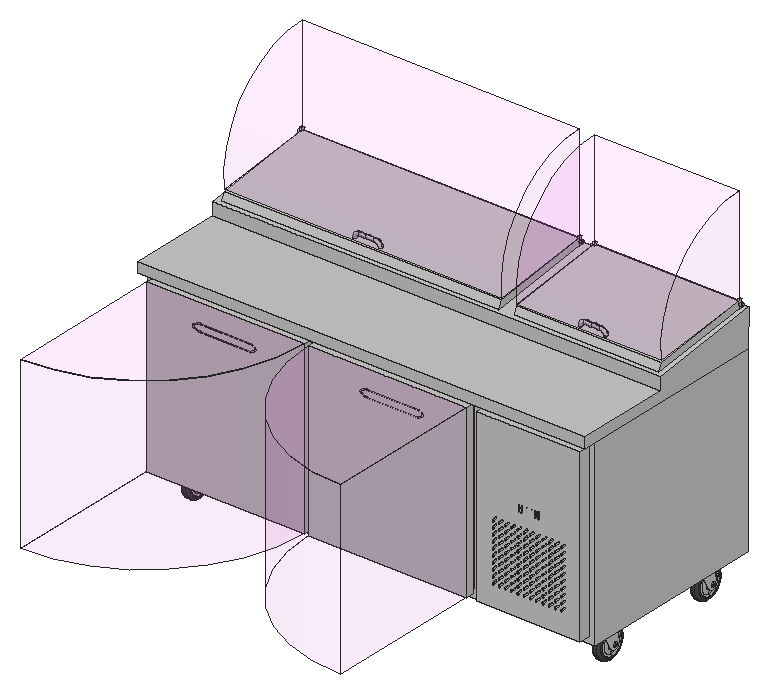
Revit family "QF_Kelvinator_738253_KCHPT72.9", category Specialty Equipment, Revit 2021
Family settings
  Round Connector Dimension = Use Diameter
  Part Type = Normal
  Work Plane-Based = No
  Always vertical = Yes
  Cut with Voids When Loaded = No
  Shared = No
  Room Calculation Point = No
Parameters
  Weight in Pounds = 264.555
  Weight = 120.00 lbm
  Watts = 0 W
  Volts = 115 V
  URL Manufacturer = "KELVINATOR"
  URL Cutsheet = ""
  URL = "KELVINATOR"
  Specification by User = ""
  Specification by Manufacturer = ""
  Serial Number = ""
  Seismic Rating = ""
  SMACNA No = ""
  Revision Code = ""
  Refrigerant Type = "R290"
  Phase = 1
  Number of Poles = 1
  NAFEM Spec ID Number = ""
  Model = "KCHPT72.9"
  Min Ckt Ampacity = 0 A
  Max Overcurrent Protection = 0 A
  Masterspec = ""
  Manufacturer = "Kelvinator"
  Length Actual = 1798"
  Length = 70 13/16"
  Item Number = "738253"
  Installed By = ""
  Identify Quantity as Lot = yes
  Height Actual = 1050"
  Height = 41 5/16"
  HP = "1 HP"
  Gas KW = 0
  Furnished By = ""
  Foodservice Equipment Identifier = yes
  FL Amps = 5 A
  Electrical Remarks = ""
  Electric Connection Type = ""
  Elec Conn RI Height = 0"
  Elec Conn Connection Height = 0"
  Description = "2-DOOR PIZZA PREP TABLE 71\" LONG 9-1/3 PAN "
  Depth Actual = 820"
  Depth = 32 5/16"
  Default Elevation = 0"
  Cycle = 60 Hz
  Conn Plug = "5-15P"
  Conn Conduit = yes
  CSI MasterFormat = ""
  Apparent Power = 0 VA
  Accessory = no
Reference planes (in)
  plane 1 "BACK": y = 0
  plane 2: z = 0
  plane 3 "LEFT": x = 0
  plane 4 "RIGHT": x = 70.8125
  plane 5 "FRONT": y = -32.3125
  plane 6 "TOP": z = 41.3125
  plane 7 "Center Y": x = 35.40625
  plane 8 "Center X": y = -16.15625
Dimensions and locks (in)
  equal spacing: plane 3 "LEFT", plane 7 "Center Y", plane 4 "RIGHT"
  "Length": plane 3 "LEFT" to plane 4 "RIGHT"
  equal spacing: plane 5 "FRONT", plane 8 "Center X", plane 1 "BACK"
  "Depth": plane 5 "FRONT" to plane 1 "BACK"
  "Height": plane 6 "TOP" to level
  aligned and locked: level to plane 2
Nested families (in)
  nested 1: "KCHPT" at (0, 0, 0), type "KCHPT"
    with Show Clearance yes
Connectors (in)
  electrical at (35.40625, -1.18418, 4.62235), driven by "Volts", driven by "Watts"
    settings: on nested 1, index 1, voltage 115 V, apparent load 0 VA, apparent load phase1 0 VA, apparent load phase2 0 VA, apparent load phase3 0 VA, power factor 1, load classification "Power", number of poles 1, system type 30, power factor state 1, is connector primary yes, connector utility no, sub classification motor no, connector description "Electrical Connection"
Definition of nested family "KCHPT"
  Parameters (values of type "KCHPT")
    Weight in Pounds = 0
    URL Cutsheet = ""
    Specification by User = ""
    Specification by Manufacturer = ""
    Show Clearance [instance] = yes
    Serial Number = ""
    Seismic Rating = ""
    SMACNA No = ""
    Revision Code = ""
    NAFEM Spec ID Number = ""
    Masterspec = ""
    Length = 70 13/16"
    Item Number = ""
    Installed By = ""
    Identify Quantity as Lot = yes
    Height = 41.53333"
    Furnished By = ""
    Foodservice Equipment Identifier = yes
    Depth = 32 5/16"
    Default Elevation = 0"
    CSI MasterFormat = ""
  Reference planes (in)
    plane 1 "BACK": y = 0
    plane 2: z = 0
    plane 3 "LEFT": x = 0
    plane 4 "RIGHT": x = 70.8125
    plane 5 "FRONT": y = -32.3125
    plane 6 "TOP": z = 41.53333
    plane 7 "Center Y": x = 35.40625
    plane 8 "Center X": y = -16.15625
    plane 9: y = -58.9
    plane 10: y = -17.4
    plane 11: z = 34.33333
    plane 12: z = 6.03333
    plane 13: z = 40.23333
    plane 14: z = 35.93333
    plane 15: z = 5.5
    plane 16: z = 33.58333
    plane 17: z = 6.78333
    plane 18: x = 53.40858
    plane 19: x = 69.86053
    plane 20: x = 67.9375
    plane 21: x = 2.875
    plane 22: x = 1.21311
    plane 23: x = 0.80534
    plane 24: x = 44.70534
    plane 25: x = 70.00716
    plane 26: x = 47.10716
    plane 27: x = 51.90858
    plane 28: x = 26.90858
    plane 29: x = 26.21311
  Forms (in)
    Extrusion 1, solid
      sketch origin (0, 0, 0) x (0, 1, 0) y (0, 0, 1)
        loop
          line (0, 34.33333) -> (-30.3125, 34.33333) -> (-30.3125, 5.5) -> (0, 5.5) -> (0, 34.33333)
      from 0 to 70.8125
    Extrusion 2, solid
      sketch origin (0, -30.3125, 34.33333) x (0, 0, -1) y (1, 0, 0)
        loop
          line (0.95244, 53.40858) -> (27.85244, 53.40858) -> (27.85244, 69.86053) -> (0.95244, 69.86053) -> (0.95244, 53.40858)
      from 0 to 1.75
    Extrusion 3, solid
      sketch origin (0, 0, 0) x (0, 1, 0) y (0, 0, 1)
        loop
          line (0, 34.33333) -> (0, 40.23333) -> (-17.4, 37.93333) -> (-17.4, 35.93333) -> (-32.3125, 35.93333) -> (-32.3125, 34.33333) -> (0, 34.33333)
      from 0 to 70.8125
    Extrusion 4, solid
      sketch origin (0, 0, 0) x (0, 1, 0) y (0, 0, 1)
        loop
          line (-0.60032, 40.15398) -> (-0.73136, 41.14536) -> (-16.15625, 39.10644) -> (-16.65751, 38.03148) -> (-0.60032, 40.15398)
      from 0.80534 to 44.70534
    Extrusion 5, solid
      sketch origin (0, 0, 0) x (0, 1, 0) y (0, 0, 1)
        loop
          line (-0.71931, 41.05415) -> (-0.60032, 40.15398) -> (-0.44954, 40.17391) -> (-0.54253, 40.87737) -> (-0.71931, 41.05415)
      from 1.08307 to 44.35482
    Extrusion 6, solid
      sketch origin (0, 0.25217, 0) x (0, 1, 0) y (0, 0, 1)
        loop
          line (-0.97921, 41.1126) -> (-0.94695, 41.23299)
          arc (-0.94695, 41.23299) -> (-0.93228, 41.2584) -> (-0.90687, 41.27307) r 0.05668
          line (-0.90687, 41.27307) -> (-0.8734, 41.28204) -> (-0.73405, 41.36488) -> (-0.8358, 41.46663) -> (-1.13256, 41.43019) -> (-1.19211, 41.53333)
          arc (-1.19211, 41.53333) -> (-1.21835, 41.30726) -> (-1.22705, 41.07984) r 2.94324
          line (-1.22705, 41.07984) -> (-1.09601, 40.08846) -> (-0.60032, 40.15398) -> (-0.97921, 41.1126)
      from 0.63594 to 0.91702
    Extrusion 7, solid
      sketch origin (45.47656, 0.25217, 0) x (0, 1, 0) y (0, 0, -1)
        loop
          line (-0.97921, -41.1126) -> (-0.60032, -40.15398) -> (-1.09601, -40.08846) -> (-1.22705, -41.07984)
          arc (-1.22705, -41.07984) -> (-1.21835, -41.30726) -> (-1.19211, -41.53333) r 2.94324
          line (-1.19211, -41.53333) -> (-1.13256, -41.43019) -> (-0.8358, -41.46663) -> (-0.73405, -41.36488) -> (-0.8734, -41.28204) -> (-0.90687, -41.27307)
          arc (-0.90687, -41.27307) -> (-0.93228, -41.2584) -> (-0.94695, -41.23299) r 0.05668
          line (-0.94695, -41.23299) -> (-0.97921, -41.1126)
      from 0.63594 to 0.91702
    Revolve 8, solid
      sketch origin (0, -0.77601, 40.03126) x (0, 0, -1) y (1, 0, 0)
        loop
          line (-0.77646, 0.63594) -> (-0.97864, 0.63594) -> (-0.97864, 0.29171) -> (-0.92809, 0.29171) -> (-0.92809, 0.25604) -> (-0.77646, 0.25604) -> (-0.77646, 0.63594)
        axis (-0.77646, 0.63594) -> (-0.77646, 0.25604)
      angle from 0 to 360
    Revolve 9, solid
      sketch origin (22.03906, -0.77601, 40.03126) x (0, 0, -1) y (1, 0, 0)
        loop
          line (-0.77646, 22.80156) -> (-0.77646, 23.18146) -> (-0.92809, 23.18146) -> (-0.92809, 23.14579) -> (-0.97864, 23.14579) -> (-0.97864, 22.80156) -> (-0.77646, 22.80156)
        axis (-0.77646, 22.80156) -> (-0.77646, 23.18146)
      angle from 0 to 360
    Sweep 10, solid
      path origin (-12.65091, -16.94992, 54.53737) x (0, 0.113722, -0.993513) y (1, 0, 0)
        loop
          line (15.52754, 33.40625) -> (15.34004, 33.40625)
          arc (15.34004, 33.40625) -> (14.80971, 33.62592) -> (14.59004, 34.15625) r 0.75
          line (14.59004, 34.15625) -> (14.59004, 35.40625) -> (14.59004, 36.65625)
          arc (14.59004, 36.65625) -> (14.80971, 37.18658) -> (15.34004, 37.40625) r 0.75
          line (15.34004, 37.40625) -> (15.52754, 37.40625)
      profile origin (23.38034, -15.29071, 40.04198) x (0, -0.113722, 0.993513) y (0, -0.993513, -0.113722)
        loop
          circle (0, 0) r 0.25
    Extrusion 11, solid
      sketch origin (0, -30.3125, 34.33333) x (0, 0, -1) y (1, 0, 0)
        loop
          line (0.95244, 1.21311) -> (27.85244, 1.21311) -> (27.85244, 26.21311) -> (0.95244, 26.21311) -> (0.95244, 1.21311)
      from 0.61189 to 1.75
    Extrusion 12, solid
      sketch origin (0, 0, 0) x (0, 1, 0) y (0, 0, 1)
        loop
          line (-30.92439, 33.03333) -> (-30.92439, 6.78333) -> (-30.67439, 6.78333) -> (-30.67439, 33.03333) -> (-30.92439, 33.03333)
      from 1.5672 to 25.76153
    Extrusion 13, solid
      sketch origin (0, 0.25, 0) x (0, 1, 0) y (0, 0, 1)
        loop
          line (-30.92439, 33.03333) -> (-30.92439, 6.78333) -> (-30.69749, 6.78333) -> (-30.69749, 33.03333) -> (-30.92439, 33.03333)
      from 1.5672 to 25.76153
    Extrusion 14, solid
      sketch origin (0, 0.40775, 0) x (0, 1, 0) y (0, 0, 1)
        loop
          line (-30.85525, 33.03333) -> (-30.85525, 6.78333) -> (-30.72025, 6.78333) -> (-30.72025, 33.03333) -> (-30.85525, 33.03333)
      from 1.5672 to 25.76153
    Extrusion 15, solid
      sketch origin (13.31117, -32, 12.93481) x (-1, 0, 0) y (0, 0, 1)
        loop
          line (-46.80033, 9.70772) -> (-49.94993, 9.70772) -> (-49.94993, 8.52662) -> (-46.80033, 8.52662) -> (-46.80033, 9.70772)
        loop
          line (-46.87907, 9.63107) -> (-47.27277, 9.63107) -> (-47.27277, 9.31193) -> (-46.87907, 9.31193) -> (-46.87907, 9.63107)
        loop
          line (-46.87907, 9.27674) -> (-47.27277, 9.27674) -> (-47.27277, 8.9576) -> (-46.87907, 8.9576) -> (-46.87907, 9.27674)
        loop
          line (-46.87907, 8.92241) -> (-47.27277, 8.92241) -> (-47.27277, 8.60327) -> (-46.87907, 8.60327) -> (-46.87907, 8.92241)
        loop
          line (-49.87119, 9.63107) -> (-49.87119, 9.31193) -> (-49.47749, 9.31193) -> (-49.47749, 9.63107) -> (-49.87119, 9.63107)
        loop
          line (-49.87119, 9.27674) -> (-49.87119, 8.9576) -> (-49.47749, 8.9576) -> (-49.47749, 9.27674) -> (-49.87119, 9.27674)
        loop
          line (-49.87119, 8.92241) -> (-49.87119, 8.60327) -> (-49.47749, 8.60327) -> (-49.47749, 8.92241) -> (-49.87119, 8.92241)
        loop
          line (-47.35025, 9.63107) -> (-49.40001, 9.63107) -> (-49.40001, 8.60716) -> (-47.35025, 8.60716) -> (-47.35025, 9.63107)
      from 0.07874 to -0.04602
    Extrusion 16, solid
      sketch origin (13.31117, -32.04602, 12.93481) x (1, 0, 0) y (0, 0, 1)
        loop
          line (49.47749, 9.63107) -> (49.47749, 9.31193) -> (49.87119, 9.31193) -> (49.87119, 9.63107) -> (49.47749, 9.63107)
        loop
          line (49.47749, 9.27674) -> (49.47749, 8.9576) -> (49.87119, 8.9576) -> (49.87119, 9.27674) -> (49.47749, 9.27674)
        loop
          line (49.47749, 8.92241) -> (49.47749, 8.60327) -> (49.87119, 8.60327) -> (49.87119, 8.92241) -> (49.47749, 8.92241)
        loop
          line (47.27277, 9.63107) -> (46.87907, 9.63107) -> (46.87907, 9.31193) -> (47.27277, 9.31193) -> (47.27277, 9.63107)
        loop
          line (47.27277, 9.27674) -> (46.87907, 9.27674) -> (46.87907, 8.9576) -> (47.27277, 8.9576) -> (47.27277, 9.27674)
        loop
          line (47.27277, 8.92241) -> (46.87907, 8.92241) -> (46.87907, 8.60327) -> (47.27277, 8.60327) -> (47.27277, 8.92241)
      from 0 to -0.07874
    Extrusion 17, solid
      sketch origin (13.31117, -32.04602, 12.93481) x (1, 0, 0) y (0, 0, 1)
        loop
          line (47.35025, 9.63107) -> (47.35025, 8.60716) -> (49.40001, 8.60716) -> (49.40001, 9.63107) -> (47.35025, 9.63107)
      from 0 to -0.07874
    Extrusion 18, void
      sketch origin (13.31117, -32, 12.93481) x (-1, 0, 0) y (0, 0, 1)
        loop
          line (-46.80033, 9.70772) -> (-49.94993, 9.70772) -> (-49.94993, 8.52662) -> (-46.80033, 8.52662) -> (-46.80033, 9.70772)
      from 0 to 0.07874
    Extrusion 19, void
      sketch origin (-16.78105, -31.99996, 32.23218) x (0, 0, 1) y (1, 0, 0)
        loop
          line (-1.94791, 26.10318) -> (-1.94791, 34.45318) -> (-2.28604, 34.99418)
          arc (-2.28604, 34.99418) -> (-2.38541, 35.04926) -> (-2.48479, 34.99418) r 0.11719
          line (-2.48479, 34.99418) -> (-2.82291, 34.45318) -> (-2.82291, 26.10318) -> (-2.48621, 25.56446)
          arc (-2.48621, 25.56446) -> (-2.38541, 25.50859) -> (-2.28462, 25.56446) r 0.11887
          line (-2.28462, 25.56446) -> (-1.94791, 26.10318)
      from 0 to 0.31887
    Sweep 20, solid
      path origin (-16.78105, -29.19996, 32.23218) x (0, 0, -1) y (1, 0, 0)
        loop
          line (2.82291, 34.45318) -> (2.48479, 34.99418)
          arc (2.48479, 34.99418) -> (2.38541, 35.04926) -> (2.28604, 34.99418) r 0.11719
          line (2.28604, 34.99418) -> (1.94791, 34.45318) -> (1.94791, 26.10318) -> (2.28462, 25.56446)
          arc (2.28462, 25.56446) -> (2.38541, 25.50859) -> (2.48621, 25.56446) r 0.11887
          line (2.48621, 25.56446) -> (2.82291, 26.10318) -> (2.82291, 34.45318)
      profile origin (13.49713, -29.19996, 29.40927) x (0, 0, -1) y (0, -1, 0)
        loop
          line (0, 2.8) -> (0.25, 2.8)
          arc (0.25, 2.8) -> (0.125, 2.85269) -> (0, 2.8) r 0.17461
    Extrusion 21, void
      sketch origin (0, -32.0625, 34.33333) x (0, 0, 1) y (1, 0, 0)
        loop
          line (-15.37242, 55.98574) -> (-14.84209, 56.51607)
          arc (-14.84209, 56.51607) -> (-14.84209, 56.72409) -> (-15.05012, 56.72409) r 0.1471
          line (-15.05012, 56.72409) -> (-15.58045, 56.19376)
          arc (-15.58045, 56.19376) -> (-15.58045, 55.98574) -> (-15.37242, 55.98574) r 0.1471
        loop
          line (-15.37242, 56.98574) -> (-14.84209, 57.51607)
          arc (-14.84209, 57.51607) -> (-14.84209, 57.72409) -> (-15.05012, 57.72409) r 0.1471
          line (-15.05012, 57.72409) -> (-15.58045, 57.19376)
          arc (-15.58045, 57.19376) -> (-15.58045, 56.98574) -> (-15.37242, 56.98574) r 0.1471
        loop
          line (-15.37242, 57.98574) -> (-14.84209, 58.51607)
          arc (-14.84209, 58.51607) -> (-14.84209, 58.72409) -> (-15.05012, 58.72409) r 0.1471
          line (-15.05012, 58.72409) -> (-15.58045, 58.19376)
          arc (-15.58045, 58.19376) -> (-15.58045, 57.98574) -> (-15.37242, 57.98574) r 0.1471
        loop
          line (-15.37242, 58.95449) -> (-14.84209, 59.48482)
          arc (-14.84209, 59.48482) -> (-14.84209, 59.69284) -> (-15.05012, 59.69284) r 0.1471
          line (-15.05012, 59.69284) -> (-15.58045, 59.16251)
          arc (-15.58045, 59.16251) -> (-15.58045, 58.95449) -> (-15.37242, 58.95449) r 0.1471
        loop
          line (-15.37242, 59.92324) -> (-14.84209, 60.45357)
          arc (-14.84209, 60.45357) -> (-14.84209, 60.66159) -> (-15.05012, 60.66159) r 0.1471
          line (-15.05012, 60.66159) -> (-15.58045, 60.13126)
          arc (-15.58045, 60.13126) -> (-15.58045, 59.92324) -> (-15.37242, 59.92324) r 0.1471
        loop
          line (-15.37242, 60.92324) -> (-14.84209, 61.45357)
          arc (-14.84209, 61.45357) -> (-14.84209, 61.66159) -> (-15.05012, 61.66159) r 0.1471
          line (-15.05012, 61.66159) -> (-15.58045, 61.13126)
          arc (-15.58045, 61.13126) -> (-15.58045, 60.92324) -> (-15.37242, 60.92324) r 0.1471
        loop
          line (-15.37242, 61.92324) -> (-14.84209, 62.45357)
          arc (-14.84209, 62.45357) -> (-14.84209, 62.66159) -> (-15.05012, 62.66159) r 0.1471
          line (-15.05012, 62.66159) -> (-15.58045, 62.13126)
          arc (-15.58045, 62.13126) -> (-15.58045, 61.92324) -> (-15.37242, 61.92324) r 0.1471
        loop
          line (-15.37242, 62.89199) -> (-14.84209, 63.42232)
          arc (-14.84209, 63.42232) -> (-14.84209, 63.63034) -> (-15.05012, 63.63034) r 0.1471
          line (-15.05012, 63.63034) -> (-15.58045, 63.10001)
          arc (-15.58045, 63.10001) -> (-15.58045, 62.89199) -> (-15.37242, 62.89199) r 0.1471
        loop
          line (-15.37242, 63.89199) -> (-14.84209, 64.42232)
          arc (-14.84209, 64.42232) -> (-14.84209, 64.63034) -> (-15.05012, 64.63034) r 0.1471
          line (-15.05012, 64.63034) -> (-15.58045, 64.10001)
          arc (-15.58045, 64.10001) -> (-15.58045, 63.89199) -> (-15.37242, 63.89199) r 0.1471
        loop
          line (-15.37242, 64.89199) -> (-14.84209, 65.42232)
          arc (-14.84209, 65.42232) -> (-14.84209, 65.63034) -> (-15.05012, 65.63034) r 0.1471
          line (-15.05012, 65.63034) -> (-15.58045, 65.10001)
          arc (-15.58045, 65.10001) -> (-15.58045, 64.89199) -> (-15.37242, 64.89199) r 0.1471
        loop
          line (-15.37242, 65.89199) -> (-14.84209, 66.42232)
          arc (-14.84209, 66.42232) -> (-14.84209, 66.63034) -> (-15.05012, 66.63034) r 0.1471
          line (-15.05012, 66.63034) -> (-15.58045, 66.10001)
          arc (-15.58045, 66.10001) -> (-15.58045, 65.89199) -> (-15.37242, 65.89199) r 0.1471
        loop
          line (-15.37242, 66.86074) -> (-14.84209, 67.39107)
          arc (-14.84209, 67.39107) -> (-14.84209, 67.59909) -> (-15.05012, 67.59909) r 0.1471
          line (-15.05012, 67.59909) -> (-15.58045, 67.06876)
          arc (-15.58045, 67.06876) -> (-15.58045, 66.86074) -> (-15.37242, 66.86074) r 0.1471
        loop
          line (-16.37242, 55.98574) -> (-15.84209, 56.51607)
          arc (-15.84209, 56.51607) -> (-15.84209, 56.72409) -> (-16.05012, 56.72409) r 0.1471
          line (-16.05012, 56.72409) -> (-16.58045, 56.19376)
          arc (-16.58045, 56.19376) -> (-16.58045, 55.98574) -> (-16.37242, 55.98574) r 0.1471
        loop
          line (-16.37242, 56.98574) -> (-15.84209, 57.51607)
          arc (-15.84209, 57.51607) -> (-15.84209, 57.72409) -> (-16.05012, 57.72409) r 0.1471
          line (-16.05012, 57.72409) -> (-16.58045, 57.19376)
          arc (-16.58045, 57.19376) -> (-16.58045, 56.98574) -> (-16.37242, 56.98574) r 0.1471
        loop
          line (-16.37242, 57.98574) -> (-15.84209, 58.51607)
          arc (-15.84209, 58.51607) -> (-15.84209, 58.72409) -> (-16.05012, 58.72409) r 0.1471
          line (-16.05012, 58.72409) -> (-16.58045, 58.19376)
          arc (-16.58045, 58.19376) -> (-16.58045, 57.98574) -> (-16.37242, 57.98574) r 0.1471
        loop
          line (-16.37242, 58.95449) -> (-15.84209, 59.48482)
          arc (-15.84209, 59.48482) -> (-15.84209, 59.69284) -> (-16.05012, 59.69284) r 0.1471
          line (-16.05012, 59.69284) -> (-16.58045, 59.16251)
          arc (-16.58045, 59.16251) -> (-16.58045, 58.95449) -> (-16.37242, 58.95449) r 0.1471
        loop
          line (-16.37242, 59.92324) -> (-15.84209, 60.45357)
          arc (-15.84209, 60.45357) -> (-15.84209, 60.66159) -> (-16.05012, 60.66159) r 0.1471
          line (-16.05012, 60.66159) -> (-16.58045, 60.13126)
          arc (-16.58045, 60.13126) -> (-16.58045, 59.92324) -> (-16.37242, 59.92324) r 0.1471
        loop
          line (-16.37242, 60.92324) -> (-15.84209, 61.45357)
          arc (-15.84209, 61.45357) -> (-15.84209, 61.66159) -> (-16.05012, 61.66159) r 0.1471
          line (-16.05012, 61.66159) -> (-16.58045, 61.13126)
          arc (-16.58045, 61.13126) -> (-16.58045, 60.92324) -> (-16.37242, 60.92324) r 0.1471
        loop
          line (-16.37242, 61.92324) -> (-15.84209, 62.45357)
          arc (-15.84209, 62.45357) -> (-15.84209, 62.66159) -> (-16.05012, 62.66159) r 0.1471
          line (-16.05012, 62.66159) -> (-16.58045, 62.13126)
          arc (-16.58045, 62.13126) -> (-16.58045, 61.92324) -> (-16.37242, 61.92324) r 0.1471
        loop
          line (-16.37242, 62.89199) -> (-15.84209, 63.42232)
          arc (-15.84209, 63.42232) -> (-15.84209, 63.63034) -> (-16.05012, 63.63034) r 0.1471
          line (-16.05012, 63.63034) -> (-16.58045, 63.10001)
          arc (-16.58045, 63.10001) -> (-16.58045, 62.89199) -> (-16.37242, 62.89199) r 0.1471
        loop
          line (-16.37242, 63.89199) -> (-15.84209, 64.42232)
          arc (-15.84209, 64.42232) -> (-15.84209, 64.63034) -> (-16.05012, 64.63034) r 0.1471
          line (-16.05012, 64.63034) -> (-16.58045, 64.10001)
          arc (-16.58045, 64.10001) -> (-16.58045, 63.89199) -> (-16.37242, 63.89199) r 0.1471
        loop
          line (-16.37242, 64.89199) -> (-15.84209, 65.42232)
          arc (-15.84209, 65.42232) -> (-15.84209, 65.63034) -> (-16.05012, 65.63034) r 0.1471
          line (-16.05012, 65.63034) -> (-16.58045, 65.10001)
          arc (-16.58045, 65.10001) -> (-16.58045, 64.89199) -> (-16.37242, 64.89199) r 0.1471
        loop
          line (-16.37242, 65.89199) -> (-15.84209, 66.42232)
          arc (-15.84209, 66.42232) -> (-15.84209, 66.63034) -> (-16.05012, 66.63034) r 0.1471
          line (-16.05012, 66.63034) -> (-16.58045, 66.10001)
          arc (-16.58045, 66.10001) -> (-16.58045, 65.89199) -> (-16.37242, 65.89199) r 0.1471
        loop
          line (-16.37242, 66.86074) -> (-15.84209, 67.39107)
          arc (-15.84209, 67.39107) -> (-15.84209, 67.59909) -> (-16.05012, 67.59909) r 0.1471
          line (-16.05012, 67.59909) -> (-16.58045, 67.06876)
          arc (-16.58045, 67.06876) -> (-16.58045, 66.86074) -> (-16.37242, 66.86074) r 0.1471
        loop
          line (-17.37242, 55.98574) -> (-16.84209, 56.51607)
          arc (-16.84209, 56.51607) -> (-16.84209, 56.72409) -> (-17.05012, 56.72409) r 0.1471
          line (-17.05012, 56.72409) -> (-17.58045, 56.19376)
          arc (-17.58045, 56.19376) -> (-17.58045, 55.98574) -> (-17.37242, 55.98574) r 0.1471
        loop
          line (-17.37242, 56.98574) -> (-16.84209, 57.51607)
          arc (-16.84209, 57.51607) -> (-16.84209, 57.72409) -> (-17.05012, 57.72409) r 0.1471
          line (-17.05012, 57.72409) -> (-17.58045, 57.19376)
          arc (-17.58045, 57.19376) -> (-17.58045, 56.98574) -> (-17.37242, 56.98574) r 0.1471
        loop
          line (-17.37242, 57.98574) -> (-16.84209, 58.51607)
          arc (-16.84209, 58.51607) -> (-16.84209, 58.72409) -> (-17.05012, 58.72409) r 0.1471
          line (-17.05012, 58.72409) -> (-17.58045, 58.19376)
          arc (-17.58045, 58.19376) -> (-17.58045, 57.98574) -> (-17.37242, 57.98574) r 0.1471
        loop
          line (-17.37242, 58.95449) -> (-16.84209, 59.48482)
          arc (-16.84209, 59.48482) -> (-16.84209, 59.69284) -> (-17.05012, 59.69284) r 0.1471
          line (-17.05012, 59.69284) -> (-17.58045, 59.16251)
          arc (-17.58045, 59.16251) -> (-17.58045, 58.95449) -> (-17.37242, 58.95449) r 0.1471
        loop
          line (-17.37242, 59.92324) -> (-16.84209, 60.45357)
          arc (-16.84209, 60.45357) -> (-16.84209, 60.66159) -> (-17.05012, 60.66159) r 0.1471
          line (-17.05012, 60.66159) -> (-17.58045, 60.13126)
          arc (-17.58045, 60.13126) -> (-17.58045, 59.92324) -> (-17.37242, 59.92324) r 0.1471
        loop
          line (-17.37242, 60.92324) -> (-16.84209, 61.45357)
          arc (-16.84209, 61.45357) -> (-16.84209, 61.66159) -> (-17.05012, 61.66159) r 0.1471
          line (-17.05012, 61.66159) -> (-17.58045, 61.13126)
          arc (-17.58045, 61.13126) -> (-17.58045, 60.92324) -> (-17.37242, 60.92324) r 0.1471
        loop
          line (-17.37242, 61.92324) -> (-16.84209, 62.45357)
          arc (-16.84209, 62.45357) -> (-16.84209, 62.66159) -> (-17.05012, 62.66159) r 0.1471
          line (-17.05012, 62.66159) -> (-17.58045, 62.13126)
          arc (-17.58045, 62.13126) -> (-17.58045, 61.92324) -> (-17.37242, 61.92324) r 0.1471
        loop
          line (-17.37242, 62.89199) -> (-16.84209, 63.42232)
          arc (-16.84209, 63.42232) -> (-16.84209, 63.63034) -> (-17.05012, 63.63034) r 0.1471
          line (-17.05012, 63.63034) -> (-17.58045, 63.10001)
          arc (-17.58045, 63.10001) -> (-17.58045, 62.89199) -> (-17.37242, 62.89199) r 0.1471
        loop
          line (-17.37242, 63.89199) -> (-16.84209, 64.42232)
          arc (-16.84209, 64.42232) -> (-16.84209, 64.63034) -> (-17.05012, 64.63034) r 0.1471
          line (-17.05012, 64.63034) -> (-17.58045, 64.10001)
          arc (-17.58045, 64.10001) -> (-17.58045, 63.89199) -> (-17.37242, 63.89199) r 0.1471
        loop
          line (-17.37242, 64.89199) -> (-16.84209, 65.42232)
          arc (-16.84209, 65.42232) -> (-16.84209, 65.63034) -> (-17.05012, 65.63034) r 0.1471
          line (-17.05012, 65.63034) -> (-17.58045, 65.10001)
          arc (-17.58045, 65.10001) -> (-17.58045, 64.89199) -> (-17.37242, 64.89199) r 0.1471
        loop
          line (-17.37242, 65.89199) -> (-16.84209, 66.42232)
          arc (-16.84209, 66.42232) -> (-16.84209, 66.63034) -> (-17.05012, 66.63034) r 0.1471
          line (-17.05012, 66.63034) -> (-17.58045, 66.10001)
          arc (-17.58045, 66.10001) -> (-17.58045, 65.89199) -> (-17.37242, 65.89199) r 0.1471
        loop
          line (-17.37242, 66.86074) -> (-16.84209, 67.39107)
          arc (-16.84209, 67.39107) -> (-16.84209, 67.59909) -> (-17.05012, 67.59909) r 0.1471
          line (-17.05012, 67.59909) -> (-17.58045, 67.06876)
          arc (-17.58045, 67.06876) -> (-17.58045, 66.86074) -> (-17.37242, 66.86074) r 0.1471
        loop
          line (-18.37242, 55.98574) -> (-17.84209, 56.51607)
          arc (-17.84209, 56.51607) -> (-17.84209, 56.72409) -> (-18.05012, 56.72409) r 0.1471
          line (-18.05012, 56.72409) -> (-18.58045, 56.19376)
          arc (-18.58045, 56.19376) -> (-18.58045, 55.98574) -> (-18.37242, 55.98574) r 0.1471
        loop
          line (-18.37242, 56.98574) -> (-17.84209, 57.51607)
          arc (-17.84209, 57.51607) -> (-17.84209, 57.72409) -> (-18.05012, 57.72409) r 0.1471
          line (-18.05012, 57.72409) -> (-18.58045, 57.19376)
          arc (-18.58045, 57.19376) -> (-18.58045, 56.98574) -> (-18.37242, 56.98574) r 0.1471
        loop
          line (-18.37242, 57.98574) -> (-17.84209, 58.51607)
          arc (-17.84209, 58.51607) -> (-17.84209, 58.72409) -> (-18.05012, 58.72409) r 0.1471
          line (-18.05012, 58.72409) -> (-18.58045, 58.19376)
          arc (-18.58045, 58.19376) -> (-18.58045, 57.98574) -> (-18.37242, 57.98574) r 0.1471
        loop
          line (-18.37242, 58.95449) -> (-17.84209, 59.48482)
          arc (-17.84209, 59.48482) -> (-17.84209, 59.69284) -> (-18.05012, 59.69284) r 0.1471
          line (-18.05012, 59.69284) -> (-18.58045, 59.16251)
          arc (-18.58045, 59.16251) -> (-18.58045, 58.95449) -> (-18.37242, 58.95449) r 0.1471
        loop
          line (-18.37242, 59.92324) -> (-17.84209, 60.45357)
          arc (-17.84209, 60.45357) -> (-17.84209, 60.66159) -> (-18.05012, 60.66159) r 0.1471
          line (-18.05012, 60.66159) -> (-18.58045, 60.13126)
          arc (-18.58045, 60.13126) -> (-18.58045, 59.92324) -> (-18.37242, 59.92324) r 0.1471
        loop
          line (-18.37242, 60.92324) -> (-17.84209, 61.45357)
          arc (-17.84209, 61.45357) -> (-17.84209, 61.66159) -> (-18.05012, 61.66159) r 0.1471
          line (-18.05012, 61.66159) -> (-18.58045, 61.13126)
          arc (-18.58045, 61.13126) -> (-18.58045, 60.92324) -> (-18.37242, 60.92324) r 0.1471
        loop
          line (-18.37242, 61.92324) -> (-17.84209, 62.45357)
          arc (-17.84209, 62.45357) -> (-17.84209, 62.66159) -> (-18.05012, 62.66159) r 0.1471
          line (-18.05012, 62.66159) -> (-18.58045, 62.13126)
          arc (-18.58045, 62.13126) -> (-18.58045, 61.92324) -> (-18.37242, 61.92324) r 0.1471
        loop
          line (-18.37242, 62.89199) -> (-17.84209, 63.42232)
          arc (-17.84209, 63.42232) -> (-17.84209, 63.63034) -> (-18.05012, 63.63034) r 0.1471
          line (-18.05012, 63.63034) -> (-18.58045, 63.10001)
          arc (-18.58045, 63.10001) -> (-18.58045, 62.89199) -> (-18.37242, 62.89199) r 0.1471
        loop
          line (-18.37242, 63.89199) -> (-17.84209, 64.42232)
          arc (-17.84209, 64.42232) -> (-17.84209, 64.63034) -> (-18.05012, 64.63034) r 0.1471
          line (-18.05012, 64.63034) -> (-18.58045, 64.10001)
          arc (-18.58045, 64.10001) -> (-18.58045, 63.89199) -> (-18.37242, 63.89199) r 0.1471
        loop
          line (-18.37242, 64.89199) -> (-17.84209, 65.42232)
          arc (-17.84209, 65.42232) -> (-17.84209, 65.63034) -> (-18.05012, 65.63034) r 0.1471
          line (-18.05012, 65.63034) -> (-18.58045, 65.10001)
          arc (-18.58045, 65.10001) -> (-18.58045, 64.89199) -> (-18.37242, 64.89199) r 0.1471
        loop
          line (-18.37242, 65.89199) -> (-17.84209, 66.42232)
          arc (-17.84209, 66.42232) -> (-17.84209, 66.63034) -> (-18.05012, 66.63034) r 0.1471
          line (-18.05012, 66.63034) -> (-18.58045, 66.10001)
          arc (-18.58045, 66.10001) -> (-18.58045, 65.89199) -> (-18.37242, 65.89199) r 0.1471
        loop
          line (-18.37242, 66.86074) -> (-17.84209, 67.39107)
          arc (-17.84209, 67.39107) -> (-17.84209, 67.59909) -> (-18.05012, 67.59909) r 0.1471
          line (-18.05012, 67.59909) -> (-18.58045, 67.06876)
          arc (-18.58045, 67.06876) -> (-18.58045, 66.86074) -> (-18.37242, 66.86074) r 0.1471
        loop
          line (-19.3519, 55.98574) -> (-18.82157, 56.51607)
          arc (-18.82157, 56.51607) -> (-18.82157, 56.72409) -> (-19.02959, 56.72409) r 0.1471
          line (-19.02959, 56.72409) -> (-19.55992, 56.19376)
          arc (-19.55992, 56.19376) -> (-19.55992, 55.98574) -> (-19.3519, 55.98574) r 0.1471
        loop
          line (-19.3519, 56.98574) -> (-18.82157, 57.51607)
          arc (-18.82157, 57.51607) -> (-18.82157, 57.72409) -> (-19.02959, 57.72409) r 0.1471
          line (-19.02959, 57.72409) -> (-19.55992, 57.19376)
          arc (-19.55992, 57.19376) -> (-19.55992, 56.98574) -> (-19.3519, 56.98574) r 0.1471
        loop
          line (-19.3519, 57.98574) -> (-18.82157, 58.51607)
          arc (-18.82157, 58.51607) -> (-18.82157, 58.72409) -> (-19.02959, 58.72409) r 0.1471
          line (-19.02959, 58.72409) -> (-19.55992, 58.19376)
          arc (-19.55992, 58.19376) -> (-19.55992, 57.98574) -> (-19.3519, 57.98574) r 0.1471
        loop
          line (-19.3519, 58.95449) -> (-18.82157, 59.48482)
          arc (-18.82157, 59.48482) -> (-18.82157, 59.69284) -> (-19.02959, 59.69284) r 0.1471
          line (-19.02959, 59.69284) -> (-19.55992, 59.16251)
          arc (-19.55992, 59.16251) -> (-19.55992, 58.95449) -> (-19.3519, 58.95449) r 0.1471
        loop
          line (-19.3519, 59.92324) -> (-18.82157, 60.45357)
          arc (-18.82157, 60.45357) -> (-18.82157, 60.66159) -> (-19.02959, 60.66159) r 0.1471
          line (-19.02959, 60.66159) -> (-19.55992, 60.13126)
          arc (-19.55992, 60.13126) -> (-19.55992, 59.92324) -> (-19.3519, 59.92324) r 0.1471
        loop
          line (-19.3519, 60.92324) -> (-18.82157, 61.45357)
          arc (-18.82157, 61.45357) -> (-18.82157, 61.66159) -> (-19.02959, 61.66159) r 0.1471
          line (-19.02959, 61.66159) -> (-19.55992, 61.13126)
          arc (-19.55992, 61.13126) -> (-19.55992, 60.92324) -> (-19.3519, 60.92324) r 0.1471
        loop
          line (-19.3519, 61.92324) -> (-18.82157, 62.45357)
          arc (-18.82157, 62.45357) -> (-18.82157, 62.66159) -> (-19.02959, 62.66159) r 0.1471
          line (-19.02959, 62.66159) -> (-19.55992, 62.13126)
          arc (-19.55992, 62.13126) -> (-19.55992, 61.92324) -> (-19.3519, 61.92324) r 0.1471
        loop
          line (-19.3519, 62.89199) -> (-18.82157, 63.42232)
          arc (-18.82157, 63.42232) -> (-18.82157, 63.63034) -> (-19.02959, 63.63034) r 0.1471
          line (-19.02959, 63.63034) -> (-19.55992, 63.10001)
          arc (-19.55992, 63.10001) -> (-19.55992, 62.89199) -> (-19.3519, 62.89199) r 0.1471
        loop
          line (-19.3519, 63.89199) -> (-18.82157, 64.42232)
          arc (-18.82157, 64.42232) -> (-18.82157, 64.63034) -> (-19.02959, 64.63034) r 0.1471
          line (-19.02959, 64.63034) -> (-19.55992, 64.10001)
          arc (-19.55992, 64.10001) -> (-19.55992, 63.89199) -> (-19.3519, 63.89199) r 0.1471
        loop
          line (-19.3519, 64.89199) -> (-18.82157, 65.42232)
          arc (-18.82157, 65.42232) -> (-18.82157, 65.63034) -> (-19.02959, 65.63034) r 0.1471
          line (-19.02959, 65.63034) -> (-19.55992, 65.10001)
          arc (-19.55992, 65.10001) -> (-19.55992, 64.89199) -> (-19.3519, 64.89199) r 0.1471
        loop
          line (-19.3519, 65.89199) -> (-18.82157, 66.42232)
          arc (-18.82157, 66.42232) -> (-18.82157, 66.63034) -> (-19.02959, 66.63034) r 0.1471
          line (-19.02959, 66.63034) -> (-19.55992, 66.10001)
          arc (-19.55992, 66.10001) -> (-19.55992, 65.89199) -> (-19.3519, 65.89199) r 0.1471
        loop
          line (-19.3519, 66.86074) -> (-18.82157, 67.39107)
          arc (-18.82157, 67.39107) -> (-18.82157, 67.59909) -> (-19.02959, 67.59909) r 0.1471
          line (-19.02959, 67.59909) -> (-19.55992, 67.06876)
          arc (-19.55992, 67.06876) -> (-19.55992, 66.86074) -> (-19.3519, 66.86074) r 0.1471
        loop
          line (-20.3519, 55.98574) -> (-19.82157, 56.51607)
          arc (-19.82157, 56.51607) -> (-19.82157, 56.72409) -> (-20.02959, 56.72409) r 0.1471
          line (-20.02959, 56.72409) -> (-20.55992, 56.19376)
          arc (-20.55992, 56.19376) -> (-20.55992, 55.98574) -> (-20.3519, 55.98574) r 0.1471
        loop
          line (-20.3519, 56.98574) -> (-19.82157, 57.51607)
          arc (-19.82157, 57.51607) -> (-19.82157, 57.72409) -> (-20.02959, 57.72409) r 0.1471
          line (-20.02959, 57.72409) -> (-20.55992, 57.19376)
          arc (-20.55992, 57.19376) -> (-20.55992, 56.98574) -> (-20.3519, 56.98574) r 0.1471
        loop
          line (-20.3519, 57.98574) -> (-19.82157, 58.51607)
          arc (-19.82157, 58.51607) -> (-19.82157, 58.72409) -> (-20.02959, 58.72409) r 0.1471
          line (-20.02959, 58.72409) -> (-20.55992, 58.19376)
          arc (-20.55992, 58.19376) -> (-20.55992, 57.98574) -> (-20.3519, 57.98574) r 0.1471
        loop
          line (-20.3519, 58.95449) -> (-19.82157, 59.48482)
          arc (-19.82157, 59.48482) -> (-19.82157, 59.69284) -> (-20.02959, 59.69284) r 0.1471
          line (-20.02959, 59.69284) -> (-20.55992, 59.16251)
          arc (-20.55992, 59.16251) -> (-20.55992, 58.95449) -> (-20.3519, 58.95449) r 0.1471
        loop
          line (-20.3519, 59.92324) -> (-19.82157, 60.45357)
          arc (-19.82157, 60.45357) -> (-19.82157, 60.66159) -> (-20.02959, 60.66159) r 0.1471
          line (-20.02959, 60.66159) -> (-20.55992, 60.13126)
          arc (-20.55992, 60.13126) -> (-20.55992, 59.92324) -> (-20.3519, 59.92324) r 0.1471
        loop
          line (-20.3519, 60.92324) -> (-19.82157, 61.45357)
          arc (-19.82157, 61.45357) -> (-19.82157, 61.66159) -> (-20.02959, 61.66159) r 0.1471
          line (-20.02959, 61.66159) -> (-20.55992, 61.13126)
          arc (-20.55992, 61.13126) -> (-20.55992, 60.92324) -> (-20.3519, 60.92324) r 0.1471
        loop
          line (-20.3519, 61.92324) -> (-19.82157, 62.45357)
          arc (-19.82157, 62.45357) -> (-19.82157, 62.66159) -> (-20.02959, 62.66159) r 0.1471
          line (-20.02959, 62.66159) -> (-20.55992, 62.13126)
          arc (-20.55992, 62.13126) -> (-20.55992, 61.92324) -> (-20.3519, 61.92324) r 0.1471
        loop
          line (-20.3519, 62.89199) -> (-19.82157, 63.42232)
          arc (-19.82157, 63.42232) -> (-19.82157, 63.63034) -> (-20.02959, 63.63034) r 0.1471
          line (-20.02959, 63.63034) -> (-20.55992, 63.10001)
          arc (-20.55992, 63.10001) -> (-20.55992, 62.89199) -> (-20.3519, 62.89199) r 0.1471
        loop
          line (-20.3519, 63.89199) -> (-19.82157, 64.42232)
          arc (-19.82157, 64.42232) -> (-19.82157, 64.63034) -> (-20.02959, 64.63034) r 0.1471
          line (-20.02959, 64.63034) -> (-20.55992, 64.10001)
          arc (-20.55992, 64.10001) -> (-20.55992, 63.89199) -> (-20.3519, 63.89199) r 0.1471
        loop
          line (-20.3519, 64.89199) -> (-19.82157, 65.42232)
          arc (-19.82157, 65.42232) -> (-19.82157, 65.63034) -> (-20.02959, 65.63034) r 0.1471
          line (-20.02959, 65.63034) -> (-20.55992, 65.10001)
          arc (-20.55992, 65.10001) -> (-20.55992, 64.89199) -> (-20.3519, 64.89199) r 0.1471
        loop
          line (-20.3519, 65.89199) -> (-19.82157, 66.42232)
          arc (-19.82157, 66.42232) -> (-19.82157, 66.63034) -> (-20.02959, 66.63034) r 0.1471
          line (-20.02959, 66.63034) -> (-20.55992, 66.10001)
          arc (-20.55992, 66.10001) -> (-20.55992, 65.89199) -> (-20.3519, 65.89199) r 0.1471
        loop
          line (-20.3519, 66.86074) -> (-19.82157, 67.39107)
          arc (-19.82157, 67.39107) -> (-19.82157, 67.59909) -> (-20.02959, 67.59909) r 0.1471
          line (-20.02959, 67.59909) -> (-20.55992, 67.06876)
          arc (-20.55992, 67.06876) -> (-20.55992, 66.86074) -> (-20.3519, 66.86074) r 0.1471
        loop
          line (-21.3519, 55.98574) -> (-20.82157, 56.51607)
          arc (-20.82157, 56.51607) -> (-20.82157, 56.72409) -> (-21.02959, 56.72409) r 0.1471
          line (-21.02959, 56.72409) -> (-21.55992, 56.19376)
          arc (-21.55992, 56.19376) -> (-21.55992, 55.98574) -> (-21.3519, 55.98574) r 0.1471
        loop
          line (-21.3519, 56.98574) -> (-20.82157, 57.51607)
          arc (-20.82157, 57.51607) -> (-20.82157, 57.72409) -> (-21.02959, 57.72409) r 0.1471
          line (-21.02959, 57.72409) -> (-21.55992, 57.19376)
          arc (-21.55992, 57.19376) -> (-21.55992, 56.98574) -> (-21.3519, 56.98574) r 0.1471
        loop
          line (-21.3519, 57.98574) -> (-20.82157, 58.51607)
          arc (-20.82157, 58.51607) -> (-20.82157, 58.72409) -> (-21.02959, 58.72409) r 0.1471
          line (-21.02959, 58.72409) -> (-21.55992, 58.19376)
          arc (-21.55992, 58.19376) -> (-21.55992, 57.98574) -> (-21.3519, 57.98574) r 0.1471
        loop
          line (-21.3519, 58.95449) -> (-20.82157, 59.48482)
          arc (-20.82157, 59.48482) -> (-20.82157, 59.69284) -> (-21.02959, 59.69284) r 0.1471
          line (-21.02959, 59.69284) -> (-21.55992, 59.16251)
          arc (-21.55992, 59.16251) -> (-21.55992, 58.95449) -> (-21.3519, 58.95449) r 0.1471
        loop
          line (-21.3519, 59.92324) -> (-20.82157, 60.45357)
          arc (-20.82157, 60.45357) -> (-20.82157, 60.66159) -> (-21.02959, 60.66159) r 0.1471
          line (-21.02959, 60.66159) -> (-21.55992, 60.13126)
          arc (-21.55992, 60.13126) -> (-21.55992, 59.92324) -> (-21.3519, 59.92324) r 0.1471
        loop
          line (-21.3519, 60.92324) -> (-20.82157, 61.45357)
          arc (-20.82157, 61.45357) -> (-20.82157, 61.66159) -> (-21.02959, 61.66159) r 0.1471
          line (-21.02959, 61.66159) -> (-21.55992, 61.13126)
          arc (-21.55992, 61.13126) -> (-21.55992, 60.92324) -> (-21.3519, 60.92324) r 0.1471
        loop
          line (-21.3519, 61.92324) -> (-20.82157, 62.45357)
          arc (-20.82157, 62.45357) -> (-20.82157, 62.66159) -> (-21.02959, 62.66159) r 0.1471
          line (-21.02959, 62.66159) -> (-21.55992, 62.13126)
          arc (-21.55992, 62.13126) -> (-21.55992, 61.92324) -> (-21.3519, 61.92324) r 0.1471
        loop
          line (-21.3519, 62.89199) -> (-20.82157, 63.42232)
          arc (-20.82157, 63.42232) -> (-20.82157, 63.63034) -> (-21.02959, 63.63034) r 0.1471
          line (-21.02959, 63.63034) -> (-21.55992, 63.10001)
          arc (-21.55992, 63.10001) -> (-21.55992, 62.89199) -> (-21.3519, 62.89199) r 0.1471
        loop
          line (-21.3519, 63.89199) -> (-20.82157, 64.42232)
          arc (-20.82157, 64.42232) -> (-20.82157, 64.63034) -> (-21.02959, 64.63034) r 0.1471
          line (-21.02959, 64.63034) -> (-21.55992, 64.10001)
          arc (-21.55992, 64.10001) -> (-21.55992, 63.89199) -> (-21.3519, 63.89199) r 0.1471
        loop
          line (-21.3519, 64.89199) -> (-20.82157, 65.42232)
          arc (-20.82157, 65.42232) -> (-20.82157, 65.63034) -> (-21.02959, 65.63034) r 0.1471
          line (-21.02959, 65.63034) -> (-21.55992, 65.10001)
          arc (-21.55992, 65.10001) -> (-21.55992, 64.89199) -> (-21.3519, 64.89199) r 0.1471
        loop
          line (-21.3519, 65.89199) -> (-20.82157, 66.42232)
          arc (-20.82157, 66.42232) -> (-20.82157, 66.63034) -> (-21.02959, 66.63034) r 0.1471
          line (-21.02959, 66.63034) -> (-21.55992, 66.10001)
          arc (-21.55992, 66.10001) -> (-21.55992, 65.89199) -> (-21.3519, 65.89199) r 0.1471
        loop
          line (-21.3519, 66.86074) -> (-20.82157, 67.39107)
          arc (-20.82157, 67.39107) -> (-20.82157, 67.59909) -> (-21.02959, 67.59909) r 0.1471
          line (-21.02959, 67.59909) -> (-21.55992, 67.06876)
          arc (-21.55992, 67.06876) -> (-21.55992, 66.86074) -> (-21.3519, 66.86074) r 0.1471
        loop
          line (-22.3519, 55.98574) -> (-21.82157, 56.51607)
          arc (-21.82157, 56.51607) -> (-21.82157, 56.72409) -> (-22.02959, 56.72409) r 0.1471
          line (-22.02959, 56.72409) -> (-22.55992, 56.19376)
          arc (-22.55992, 56.19376) -> (-22.55992, 55.98574) -> (-22.3519, 55.98574) r 0.1471
        loop
          line (-22.3519, 56.98574) -> (-21.82157, 57.51607)
          arc (-21.82157, 57.51607) -> (-21.82157, 57.72409) -> (-22.02959, 57.72409) r 0.1471
          line (-22.02959, 57.72409) -> (-22.55992, 57.19376)
          arc (-22.55992, 57.19376) -> (-22.55992, 56.98574) -> (-22.3519, 56.98574) r 0.1471
        loop
          line (-22.3519, 57.98574) -> (-21.82157, 58.51607)
          arc (-21.82157, 58.51607) -> (-21.82157, 58.72409) -> (-22.02959, 58.72409) r 0.1471
          line (-22.02959, 58.72409) -> (-22.55992, 58.19376)
          arc (-22.55992, 58.19376) -> (-22.55992, 57.98574) -> (-22.3519, 57.98574) r 0.1471
        loop
          line (-22.3519, 58.95449) -> (-21.82157, 59.48482)
          arc (-21.82157, 59.48482) -> (-21.82157, 59.69284) -> (-22.02959, 59.69284) r 0.1471
          line (-22.02959, 59.69284) -> (-22.55992, 59.16251)
          arc (-22.55992, 59.16251) -> (-22.55992, 58.95449) -> (-22.3519, 58.95449) r 0.1471
        loop
          line (-22.3519, 59.92324) -> (-21.82157, 60.45357)
          arc (-21.82157, 60.45357) -> (-21.82157, 60.66159) -> (-22.02959, 60.66159) r 0.1471
          line (-22.02959, 60.66159) -> (-22.55992, 60.13126)
          arc (-22.55992, 60.13126) -> (-22.55992, 59.92324) -> (-22.3519, 59.92324) r 0.1471
        loop
          line (-22.3519, 60.92324) -> (-21.82157, 61.45357)
          arc (-21.82157, 61.45357) -> (-21.82157, 61.66159) -> (-22.02959, 61.66159) r 0.1471
          line (-22.02959, 61.66159) -> (-22.55992, 61.13126)
          arc (-22.55992, 61.13126) -> (-22.55992, 60.92324) -> (-22.3519, 60.92324) r 0.1471
        loop
          line (-22.3519, 61.92324) -> (-21.82157, 62.45357)
          arc (-21.82157, 62.45357) -> (-21.82157, 62.66159) -> (-22.02959, 62.66159) r 0.1471
          line (-22.02959, 62.66159) -> (-22.55992, 62.13126)
          arc (-22.55992, 62.13126) -> (-22.55992, 61.92324) -> (-22.3519, 61.92324) r 0.1471
        loop
          line (-22.3519, 62.89199) -> (-21.82157, 63.42232)
          arc (-21.82157, 63.42232) -> (-21.82157, 63.63034) -> (-22.02959, 63.63034) r 0.1471
          line (-22.02959, 63.63034) -> (-22.55992, 63.10001)
          arc (-22.55992, 63.10001) -> (-22.55992, 62.89199) -> (-22.3519, 62.89199) r 0.1471
        loop
          line (-22.3519, 63.89199) -> (-21.82157, 64.42232)
          arc (-21.82157, 64.42232) -> (-21.82157, 64.63034) -> (-22.02959, 64.63034) r 0.1471
          line (-22.02959, 64.63034) -> (-22.55992, 64.10001)
          arc (-22.55992, 64.10001) -> (-22.55992, 63.89199) -> (-22.3519, 63.89199) r 0.1471
        loop
          line (-22.3519, 64.89199) -> (-21.82157, 65.42232)
          arc (-21.82157, 65.42232) -> (-21.82157, 65.63034) -> (-22.02959, 65.63034) r 0.1471
          line (-22.02959, 65.63034) -> (-22.55992, 65.10001)
          arc (-22.55992, 65.10001) -> (-22.55992, 64.89199) -> (-22.3519, 64.89199) r 0.1471
        loop
          line (-22.3519, 65.89199) -> (-21.82157, 66.42232)
          arc (-21.82157, 66.42232) -> (-21.82157, 66.63034) -> (-22.02959, 66.63034) r 0.1471
          line (-22.02959, 66.63034) -> (-22.55992, 66.10001)
          arc (-22.55992, 66.10001) -> (-22.55992, 65.89199) -> (-22.3519, 65.89199) r 0.1471
        loop
          line (-22.3519, 66.86074) -> (-21.82157, 67.39107)
          arc (-21.82157, 67.39107) -> (-21.82157, 67.59909) -> (-22.02959, 67.59909) r 0.1471
          line (-22.02959, 67.59909) -> (-22.55992, 67.06876)
          arc (-22.55992, 67.06876) -> (-22.55992, 66.86074) -> (-22.3519, 66.86074) r 0.1471
        loop
          line (-23.3519, 55.98574) -> (-22.82157, 56.51607)
          arc (-22.82157, 56.51607) -> (-22.82157, 56.72409) -> (-23.02959, 56.72409) r 0.1471
          line (-23.02959, 56.72409) -> (-23.55992, 56.19376)
          arc (-23.55992, 56.19376) -> (-23.55992, 55.98574) -> (-23.3519, 55.98574) r 0.1471
        loop
          line (-23.3519, 56.98574) -> (-22.82157, 57.51607)
          arc (-22.82157, 57.51607) -> (-22.82157, 57.72409) -> (-23.02959, 57.72409) r 0.1471
          line (-23.02959, 57.72409) -> (-23.55992, 57.19376)
          arc (-23.55992, 57.19376) -> (-23.55992, 56.98574) -> (-23.3519, 56.98574) r 0.1471
        loop
          line (-23.3519, 57.98574) -> (-22.82157, 58.51607)
          arc (-22.82157, 58.51607) -> (-22.82157, 58.72409) -> (-23.02959, 58.72409) r 0.1471
          line (-23.02959, 58.72409) -> (-23.55992, 58.19376)
          arc (-23.55992, 58.19376) -> (-23.55992, 57.98574) -> (-23.3519, 57.98574) r 0.1471
        loop
          line (-23.3519, 58.95449) -> (-22.82157, 59.48482)
          arc (-22.82157, 59.48482) -> (-22.82157, 59.69284) -> (-23.02959, 59.69284) r 0.1471
          line (-23.02959, 59.69284) -> (-23.55992, 59.16251)
          arc (-23.55992, 59.16251) -> (-23.55992, 58.95449) -> (-23.3519, 58.95449) r 0.1471
        loop
          line (-23.3519, 59.92324) -> (-22.82157, 60.45357)
          arc (-22.82157, 60.45357) -> (-22.82157, 60.66159) -> (-23.02959, 60.66159) r 0.1471
          line (-23.02959, 60.66159) -> (-23.55992, 60.13126)
          arc (-23.55992, 60.13126) -> (-23.55992, 59.92324) -> (-23.3519, 59.92324) r 0.1471
        loop
          line (-23.3519, 60.92324) -> (-22.82157, 61.45357)
          arc (-22.82157, 61.45357) -> (-22.82157, 61.66159) -> (-23.02959, 61.66159) r 0.1471
          line (-23.02959, 61.66159) -> (-23.55992, 61.13126)
          arc (-23.55992, 61.13126) -> (-23.55992, 60.92324) -> (-23.3519, 60.92324) r 0.1471
        loop
          line (-23.3519, 61.92324) -> (-22.82157, 62.45357)
          arc (-22.82157, 62.45357) -> (-22.82157, 62.66159) -> (-23.02959, 62.66159) r 0.1471
          line (-23.02959, 62.66159) -> (-23.55992, 62.13126)
          arc (-23.55992, 62.13126) -> (-23.55992, 61.92324) -> (-23.3519, 61.92324) r 0.1471
        loop
          line (-23.3519, 62.89199) -> (-22.82157, 63.42232)
          arc (-22.82157, 63.42232) -> (-22.82157, 63.63034) -> (-23.02959, 63.63034) r 0.1471
          line (-23.02959, 63.63034) -> (-23.55992, 63.10001)
          arc (-23.55992, 63.10001) -> (-23.55992, 62.89199) -> (-23.3519, 62.89199) r 0.1471
        loop
          line (-23.3519, 63.89199) -> (-22.82157, 64.42232)
          arc (-22.82157, 64.42232) -> (-22.82157, 64.63034) -> (-23.02959, 64.63034) r 0.1471
          line (-23.02959, 64.63034) -> (-23.55992, 64.10001)
          arc (-23.55992, 64.10001) -> (-23.55992, 63.89199) -> (-23.3519, 63.89199) r 0.1471
        loop
          line (-23.3519, 64.89199) -> (-22.82157, 65.42232)
          arc (-22.82157, 65.42232) -> (-22.82157, 65.63034) -> (-23.02959, 65.63034) r 0.1471
          line (-23.02959, 65.63034) -> (-23.55992, 65.10001)
          arc (-23.55992, 65.10001) -> (-23.55992, 64.89199) -> (-23.3519, 64.89199) r 0.1471
        loop
          line (-23.3519, 65.89199) -> (-22.82157, 66.42232)
          arc (-22.82157, 66.42232) -> (-22.82157, 66.63034) -> (-23.02959, 66.63034) r 0.1471
          line (-23.02959, 66.63034) -> (-23.55992, 66.10001)
          arc (-23.55992, 66.10001) -> (-23.55992, 65.89199) -> (-23.3519, 65.89199) r 0.1471
        loop
          line (-23.3519, 66.86074) -> (-22.82157, 67.39107)
          arc (-22.82157, 67.39107) -> (-22.82157, 67.59909) -> (-23.02959, 67.59909) r 0.1471
          line (-23.02959, 67.59909) -> (-23.55992, 67.06876)
          arc (-23.55992, 67.06876) -> (-23.55992, 66.86074) -> (-23.3519, 66.86074) r 0.1471
        loop
          line (-24.3519, 55.98574) -> (-23.82157, 56.51607)
          arc (-23.82157, 56.51607) -> (-23.82157, 56.72409) -> (-24.02959, 56.72409) r 0.1471
          line (-24.02959, 56.72409) -> (-24.55992, 56.19376)
          arc (-24.55992, 56.19376) -> (-24.55992, 55.98574) -> (-24.3519, 55.98574) r 0.1471
        loop
          line (-24.3519, 56.98574) -> (-23.82157, 57.51607)
          arc (-23.82157, 57.51607) -> (-23.82157, 57.72409) -> (-24.02959, 57.72409) r 0.1471
          line (-24.02959, 57.72409) -> (-24.55992, 57.19376)
          arc (-24.55992, 57.19376) -> (-24.55992, 56.98574) -> (-24.3519, 56.98574) r 0.1471
        loop
          line (-24.3519, 57.98574) -> (-23.82157, 58.51607)
          arc (-23.82157, 58.51607) -> (-23.82157, 58.72409) -> (-24.02959, 58.72409) r 0.1471
          line (-24.02959, 58.72409) -> (-24.55992, 58.19376)
          arc (-24.55992, 58.19376) -> (-24.55992, 57.98574) -> (-24.3519, 57.98574) r 0.1471
        loop
          line (-24.3519, 58.95449) -> (-23.82157, 59.48482)
          arc (-23.82157, 59.48482) -> (-23.82157, 59.69284) -> (-24.02959, 59.69284) r 0.1471
          line (-24.02959, 59.69284) -> (-24.55992, 59.16251)
          arc (-24.55992, 59.16251) -> (-24.55992, 58.95449) -> (-24.3519, 58.95449) r 0.1471
        loop
          line (-24.3519, 59.92324) -> (-23.82157, 60.45357)
          arc (-23.82157, 60.45357) -> (-23.82157, 60.66159) -> (-24.02959, 60.66159) r 0.1471
          line (-24.02959, 60.66159) -> (-24.55992, 60.13126)
          arc (-24.55992, 60.13126) -> (-24.55992, 59.92324) -> (-24.3519, 59.92324) r 0.1471
        loop
          line (-24.3519, 60.92324) -> (-23.82157, 61.45357)
          arc (-23.82157, 61.45357) -> (-23.82157, 61.66159) -> (-24.02959, 61.66159) r 0.1471
          line (-24.02959, 61.66159) -> (-24.55992, 61.13126)
          arc (-24.55992, 61.13126) -> (-24.55992, 60.92324) -> (-24.3519, 60.92324) r 0.1471
        loop
          line (-24.3519, 61.92324) -> (-23.82157, 62.45357)
          arc (-23.82157, 62.45357) -> (-23.82157, 62.66159) -> (-24.02959, 62.66159) r 0.1471
          line (-24.02959, 62.66159) -> (-24.55992, 62.13126)
          arc (-24.55992, 62.13126) -> (-24.55992, 61.92324) -> (-24.3519, 61.92324) r 0.1471
        loop
          line (-24.3519, 62.89199) -> (-23.82157, 63.42232)
          arc (-23.82157, 63.42232) -> (-23.82157, 63.63034) -> (-24.02959, 63.63034) r 0.1471
          line (-24.02959, 63.63034) -> (-24.55992, 63.10001)
          arc (-24.55992, 63.10001) -> (-24.55992, 62.89199) -> (-24.3519, 62.89199) r 0.1471
        loop
          line (-24.3519, 63.89199) -> (-23.82157, 64.42232)
          arc (-23.82157, 64.42232) -> (-23.82157, 64.63034) -> (-24.02959, 64.63034) r 0.1471
          line (-24.02959, 64.63034) -> (-24.55992, 64.10001)
          arc (-24.55992, 64.10001) -> (-24.55992, 63.89199) -> (-24.3519, 63.89199) r 0.1471
        loop
          line (-24.3519, 64.89199) -> (-23.82157, 65.42232)
          arc (-23.82157, 65.42232) -> (-23.82157, 65.63034) -> (-24.02959, 65.63034) r 0.1471
          line (-24.02959, 65.63034) -> (-24.55992, 65.10001)
          arc (-24.55992, 65.10001) -> (-24.55992, 64.89199) -> (-24.3519, 64.89199) r 0.1471
        loop
          line (-24.3519, 65.89199) -> (-23.82157, 66.42232)
          arc (-23.82157, 66.42232) -> (-23.82157, 66.63034) -> (-24.02959, 66.63034) r 0.1471
          line (-24.02959, 66.63034) -> (-24.55992, 66.10001)
          arc (-24.55992, 66.10001) -> (-24.55992, 65.89199) -> (-24.3519, 65.89199) r 0.1471
        loop
          line (-24.3519, 66.86074) -> (-23.82157, 67.39107)
          arc (-23.82157, 67.39107) -> (-23.82157, 67.59909) -> (-24.02959, 67.59909) r 0.1471
          line (-24.02959, 67.59909) -> (-24.55992, 67.06876)
          arc (-24.55992, 67.06876) -> (-24.55992, 66.86074) -> (-24.3519, 66.86074) r 0.1471
      from 0 to 0.03
    Extrusion 22, solid
      sketch origin (-11.71875, 0, 5.5) x (-1, 0, 0) y (0, 1, 0)
        loop
          circle (-47.125, -1.18418) r 0.25
      from 0 to 0.87765
    Extrusion 23, solid
      sketch origin (91.8125, 0, 0) x (0, 1, 0) y (0, 0, -1)
        loop
          line (-0.60032, -40.15398) -> (-16.65751, -38.03148) -> (-16.15625, -39.10644) -> (-0.73136, -41.14536) -> (-0.60032, -40.15398)
      from 21.80534 to 44.70534
    Extrusion 24, solid
      sketch origin (91.8125, 0, 0) x (0, 1, 0) y (0, 0, -1)
        loop
          line (-0.71931, -41.05415) -> (-0.54253, -40.87737) -> (-0.44954, -40.17391) -> (-0.60032, -40.15398) -> (-0.71931, -41.05415)
      from 22.00555 to 44.35482
    Extrusion 25, solid
      sketch origin (70.78364, 0.25217, 0) x (0, 1, 0) y (0, 0, -1)
        loop
          line (-0.97921, -41.1126) -> (-0.60032, -40.15398) -> (-1.09601, -40.08846) -> (-1.22705, -41.07984)
          arc (-1.22705, -41.07984) -> (-1.21835, -41.30726) -> (-1.19211, -41.53333) r 2.94324
          line (-1.19211, -41.53333) -> (-1.13256, -41.43019) -> (-0.8358, -41.46663) -> (-0.73405, -41.36488) -> (-0.8734, -41.28204) -> (-0.90687, -41.27307)
          arc (-0.90687, -41.27307) -> (-0.93228, -41.2584) -> (-0.94695, -41.23299) r 0.05668
          line (-0.94695, -41.23299) -> (-0.97921, -41.1126)
      from 0.63594 to 0.91702
    Extrusion 26, solid
      sketch origin (46.33594, 0.25217, 0) x (0, 1, 0) y (0, 0, 1)
        loop
          line (-0.97921, 41.1126) -> (-0.94695, 41.23299)
          arc (-0.94695, 41.23299) -> (-0.93228, 41.2584) -> (-0.90687, 41.27307) r 0.05668
          line (-0.90687, 41.27307) -> (-0.8734, 41.28204) -> (-0.73405, 41.36488) -> (-0.8358, 41.46663) -> (-1.13256, 41.43019) -> (-1.19211, 41.53333)
          arc (-1.19211, 41.53333) -> (-1.21835, 41.30726) -> (-1.22705, 41.07984) r 2.94324
          line (-1.22705, 41.07984) -> (-1.09601, 40.08846) -> (-0.60032, 40.15398) -> (-0.97921, 41.1126)
      from 0.63594 to 0.91702
    Revolve 27, solid
      sketch origin (70.78364, -0.77601, 40.03126) x (0, 0, -1) y (1, 0, 0)
        loop
          line (-0.77646, -0.63594) -> (-0.77646, -0.25604) -> (-0.92809, -0.25604) -> (-0.92809, -0.29171) -> (-0.97864, -0.29171) -> (-0.97864, -0.63594) -> (-0.77646, -0.63594)
        axis (-0.77646, -0.63594) -> (-0.77646, -0.25604)
      angle from 0 to 360
    Revolve 28, solid
      sketch origin (69.77344, -0.77601, 40.03126) x (0, 0, -1) y (1, 0, 0)
        loop
          line (-0.77646, -22.80156) -> (-0.97864, -22.80156) -> (-0.97864, -23.14579) -> (-0.92809, -23.14579) -> (-0.92809, -23.18146) -> (-0.77646, -23.18146) -> (-0.77646, -22.80156)
        axis (-0.77646, -22.80156) -> (-0.77646, -23.18146)
      angle from 0 to 360
    Sweep 29, solid
      path origin (93.86393, -16.94992, 54.53737) x (0, 0.113722, -0.993513) y (1, 0, 0)
        loop
          line (15.52754, -33.40625) -> (15.34004, -33.40625)
          arc (15.34004, -33.40625) -> (14.80971, -33.62592) -> (14.59004, -34.15625) r 0.75
          line (14.59004, -34.15625) -> (14.59004, -35.40625) -> (14.59004, -36.65625)
          arc (14.59004, -36.65625) -> (14.80971, -37.18658) -> (15.34004, -37.40625) r 0.75
          line (15.34004, -37.40625) -> (15.52754, -37.40625)
      profile origin (57.83268, -15.29071, 40.04198) x (0, 0.113722, -0.993513) y (0, -0.993513, -0.113722)
        loop
          circle (0, 0) r 0.25
    Extrusion 30, solid
      sketch origin (53.12169, -30.3125, 34.33333) x (0, 0, -1) y (1, 0, 0)
        loop
          line (0.95244, -1.21311) -> (0.95244, -26.21311) -> (27.85244, -26.21311) -> (27.85244, -1.21311) -> (0.95244, -1.21311)
      from 0.61189 to 1.75
    Extrusion 31, solid
      sketch origin (53.12169, 0, 0) x (0, 1, 0) y (0, 0, -1)
        loop
          line (-30.92439, -33.03333) -> (-30.67439, -33.03333) -> (-30.67439, -6.78333) -> (-30.92439, -6.78333) -> (-30.92439, -33.03333)
      from 1.5672 to 25.76153
    Extrusion 32, solid
      sketch origin (53.12169, 0.25, 0) x (0, 1, 0) y (0, 0, -1)
        loop
          line (-30.92439, -33.03333) -> (-30.69749, -33.03333) -> (-30.69749, -6.78333) -> (-30.92439, -6.78333) -> (-30.92439, -33.03333)
      from 1.5672 to 25.76153
    Extrusion 33, solid
      sketch origin (53.12169, 0.40775, 0) x (0, 1, 0) y (0, 0, -1)
        loop
          line (-30.85525, -33.03333) -> (-30.72025, -33.03333) -> (-30.72025, -6.78333) -> (-30.85525, -6.78333) -> (-30.85525, -33.03333)
      from 1.5672 to 25.76153
